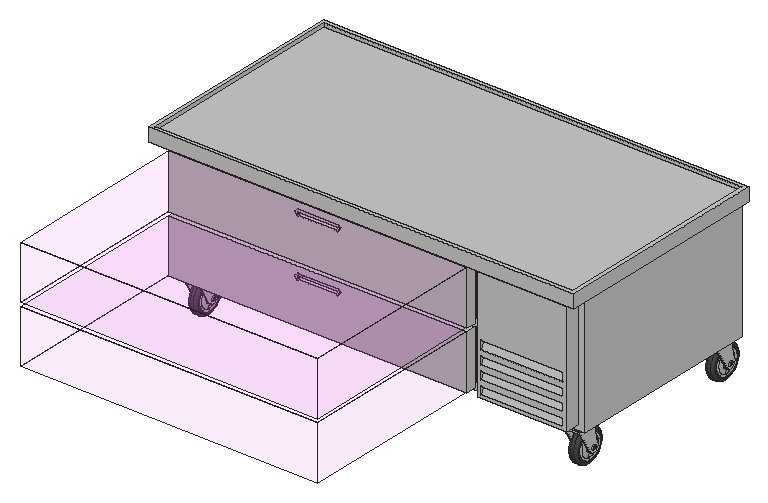
Revit family "QF_Kelvinator_738311_KCHCB60R", category Specialty Equipment, Revit 2021
Family settings
  Round Connector Dimension = Use Diameter
  Part Type = Normal
  Work Plane-Based = No
  Always vertical = Yes
  Cut with Voids When Loaded = No
  Shared = No
  Room Calculation Point = No
Parameters
  Weight in Pounds = 524.7
  Weight = 122.00 lbm
  Watts = 0 W
  Volts = 115 V
  URL Manufacturer = "KELVINATOR"
  URL Cutsheet = ""
  URL = "KELVINATOR"
  Specification by User = ""
  Specification by Manufacturer = ""
  Serial Number = ""
  Seismic Rating = ""
  SMACNA No = ""
  Revision Code = ""
  Refrigerant Type = "R290"
  Phase = 1
  Number of Poles = 1
  NAFEM Spec ID Number = ""
  Model = "KCHCB60R"
  Min Ckt Ampacity = 0 A
  Max Overcurrent Protection = 0 A
  Masterspec = ""
  Manufacturer = "Kelvinator"
  Length Actual = 1576"
  Length = 62 1/16"
  Item Number = "738311"
  Installed By = ""
  Identify Quantity as Lot = yes
  Height Actual = 660"
  Height = 26"
  HP = "0.3 HP"
  Gas KW = 0
  Furnished By = ""
  Foodservice Equipment Identifier = yes
  FL Amps = 2.1 A
  Electrical Remarks = ""
  Electric Connection Type = ""
  Elec Conn RI Height = 0"
  Elec Conn Connection Height = 0"
  Description = "2-DRAWER CHEF BASE REFRIGERATOR 62\" LONG"
  Depth Actual = 810"
  Depth = 31 7/8"
  Default Elevation = 0"
  Cycle = 60 Hz
  Conn Plug = "5-15P"
  Conn Conduit = yes
  CSI MasterFormat = ""
  Apparent Power = 0 VA
  Accessory = no
Reference planes (in)
  plane 1 "BACK": y = 0
  plane 2: z = 0
  plane 3 "LEFT": x = 0
  plane 4 "RIGHT": x = 62.0625
  plane 5 "FRONT": y = -31.875
  plane 6 "TOP": z = 26
  plane 7 "Center Y": x = 31.03125
  plane 8 "Center X": y = -15.9375
Dimensions and locks (in)
  equal spacing: plane 3 "LEFT", plane 7 "Center Y", plane 4 "RIGHT"
  "Length": plane 3 "LEFT" to plane 4 "RIGHT"
  equal spacing: plane 5 "FRONT", plane 8 "Center X", plane 1 "BACK"
  "Depth": plane 5 "FRONT" to plane 1 "BACK"
  "Height": plane 6 "TOP" to level
  aligned and locked: level to plane 2
Nested families (in)
  nested 1: "Family2" at (0, 0, 0), type "Family2"
    with Show Clearance yes
Connectors (in)
  electrical at (31.08061, -1.5, 5.5), driven by "Volts", driven by "Watts"
    settings: on nested 1, index 1, voltage 115 V, apparent load 0 VA, apparent load phase1 0 VA, apparent load phase2 0 VA, apparent load phase3 0 VA, power factor 1, load classification "Other", number of poles 1, system type 30, power factor state 1, is connector primary yes, connector utility no, sub classification motor no, connector description ""
Definition of nested family "Family2"
  Parameters (values of type "Family2")
    Weight in Pounds = 0
    URL Cutsheet = ""
    Specification by User = ""
    Specification by Manufacturer = ""
    Show Clearance [instance] = yes
    Serial Number = ""
    Seismic Rating = ""
    SMACNA No = ""
    Revision Code = ""
    NAFEM Spec ID Number = ""
    Masterspec = ""
    Length = 62 1/16"
    Item Number = ""
    Installed By = ""
    Identify Quantity as Lot = yes
    Height = 26"
    Furnished By = ""
    Foodservice Equipment Identifier = yes
    Depth = 31 7/8"
    Default Elevation = 0"
    CSI MasterFormat = ""
  Reference planes (in)
    plane 1 "BACK": y = 0
    plane 2: z = 0
    plane 3 "LEFT": x = 0
    plane 4 "RIGHT": x = 62.0625
    plane 5 "FRONT": y = -31.875
    plane 6 "TOP": z = 26
    plane 7 "Center Y": x = 31.03125
    plane 8 "Center X": y = -15.9375
    plane 9: x = 1
    plane 10: x = 61.0625
    plane 11: x = 2
    plane 12: x = 44.0625
    plane 13: x = 60.0625
    plane 14: x = 47.0625
    plane 15: z = 15.1
    plane 16: z = 23
    plane 17: z = 6
    plane 18: z = 24
    plane 19: y = -28.7
    plane 20: y = -57.9
    plane 21: x = 0.5
    plane 22: x = 61.5625
    plane 23: z = 14.6
    plane 24: z = 6.7
    plane 25: x = 59.5625
    plane 26: x = 47.5625
    plane 27: x = 58.8125
    plane 28: x = 3.25
  Forms (in)
    Extrusion 1, solid
      sketch origin (1, -180, 36.08177) x (0, 0, 1) y (0, -1, 0)
        loop
          line (-12.08177, -151.3) -> (-30.08177, -151.3) -> (-30.08177, -180) -> (-12.08177, -180) -> (-12.08177, -151.3)
      from 0 to 60.0625
    Extrusion 2, solid
      sketch origin (0, 0, 0) x (0, 1, 0) y (0, 0, 1)
        loop
          line (-31.875, 26) -> (-31.875, 24) -> (0, 24) -> (0, 26) -> (-31.875, 26)
      from 0 to 62.0625
    Extrusion 3, void
      sketch origin (0.5, -180, 24.54005) x (0, 0, 1) y (0, -1, 0)
        loop
          line (1.45995, -148.625) -> (0.95995, -148.625) -> (0.95995, -179.5) -> (1.45995, -179.5) -> (1.45995, -148.625)
      from 0 to 61.0625
    Extrusion 4, solid
      sketch origin (0, -28.7, -3.09046) x (0, 0, -1) y (1, 0, 0)
        loop
          line (-26.09046, 47.0625) -> (-9.79046, 47.0625) -> (-9.79046, 60.0625) -> (-26.09046, 60.0625) -> (-26.09046, 47.0625)
      from 0 to 2
    Extrusion 5, void
      sketch origin (59.5625, -180, 13.44376) x (0, 0, -1) y (0, -1, 0)
        loop
          line (6.33783, -149.3) -> (6.33783, -148.925) -> (-0.83628, -148.925) -> (-0.83628, -149.7453) -> (0.38717, -149.3) -> (1.16811, -149.3) -> (1.16811, -149.7453) -> (2.39156, -149.3) -> (3.17249, -149.3) -> (3.17249, -149.7453) -> (4.39594, -149.3) -> (5.11438, -149.3) -> (5.11438, -149.7453) -> (6.33783, -149.3)
      from 0 to 12
    Extrusion 6, solid
      sketch origin (1, 0, 6) x (-1, 0, 0) y (0, 1, 0)
        loop
          circle (-30.08061, -1.5) r 0.33156
      from 0 to 0.5
  Cuts and joins
    Extrusion 3 cuts Extrusion 2
    Extrusion 5 cuts Extrusion 4
  Lines and regions (in)
    symbolic lines
      curve 1: line (0, 0, 0) -> (0, -31.875, 0)
      curve 2: line (0, -31.875, 0) -> (62.0625, -31.875, 0)
      curve 3: line (62.0625, -31.875, 0) -> (62.0625, 0, 0)
      curve 4: line (62.0625, 0, 0) -> (0, 0, 0)
      curve 5: line (0.5, -31.375, 0) -> (0.5, -0.5, 0)
      curve 6: line (0.5, -0.5, 0) -> (61.5625, -0.5, 0)
      curve 7: line (61.5625, -0.5, 0) -> (61.5625, -31.375, 0)
      curve 8: line (61.5625, -31.375, 0) -> (0.5, -31.375, 0)
  Dimensions and locks (in)
    equal spacing: plane 3 "LEFT", plane 7 "Center Y", plane 4 "RIGHT"
    "Length": plane 3 "LEFT" to plane 4 "RIGHT"
    equal spacing: plane 5 "FRONT", plane 8 "Center X", plane 1 "BACK"
    "Depth": plane 5 "FRONT" to plane 1 "BACK"
    "Height": plane 6 "TOP" to level
    plane 3 "LEFT" to plane 4 "RIGHT" = 62 1/16"
    plane 10 to plane 9 = 60 1/16"
    plane 11 to plane 12 = 42 1/16"
    locked: plane 14 to plane 13 at 13
    plane 16 to plane 15 = 7.9"  (x2)
    plane 6 "TOP" to plane 17 = 20"
    plane 18 to plane 17 = 18"
    plane 19 to plane 1 "BACK" = 28.7"
    plane 5 "FRONT" to plane 1 "BACK" = 31 7/8"
    plane 20 to plane 1 "BACK" = 57.9"
    plane 17 to level = 6"
    locked: plane 4 "RIGHT" to plane 10 at 1
    locked: plane 4 "RIGHT" to plane 22 at 0.5
    plane 23 to plane 24 = 7.9"
    locked: plane 13 to plane 4 "RIGHT" at 2
    locked: plane 13 to plane 25 at 0.5
    locked: plane 14 to plane 26 at 0.5
    locked: plane 4 "RIGHT" to plane 27 at 3.25
    locked: plane 12 to plane 14 at 3
    locked: plane 3 "LEFT" to plane 11 at 2
    aligned and locked: level to plane 2
    aligned and locked: plane 10 to Extrusion 1
    aligned and locked: Extrusion 2 to plane 4 "RIGHT"
    aligned and locked: plane 18 to Extrusion 1
    aligned and locked: plane 22 to cut or joined group of Extrusion 2, Extrusion 3
    aligned and locked: Extrusion 5 to plane 26
    aligned and locked: plane 14 to Extrusion 4
    aligned and locked: Extrusion 4 to plane 13
    aligned and locked: nested 4 to plane 28
    aligned and locked: plane 27 to nested 5
    aligned and locked: nested 6 to plane 28
    aligned and locked: plane 27 to nested 3
  Automatic sketch dimensions
    level to Extrusion 1 sketch curve = 6"
    plane 16 to Extrusion 1 sketch curve = 1"
    Extrusion 1 sketch curve to plane 1 "BACK" = 0"
    Extrusion 1 sketch curve to plane 19 = 0"
    Extrusion 2 sketch curve to plane 5 "FRONT" = 0"
    Extrusion 2 sketch curve to plane 1 "BACK" = 0"
    Extrusion 2 sketch curve to plane 18 = 0"
    Extrusion 2 sketch curve to plane 6 "TOP" = 0"
    Extrusion 3 sketch curve to plane 6 "TOP" = 0"
    Extrusion 3 sketch curve to plane 6 "TOP" = 1/2"
    plane 1 "BACK" to Extrusion 3 sketch curve = 1/2"
    Extrusion 3 sketch curve to plane 5 "FRONT" = 1/2"
    plane 13 to Extrusion 4 sketch curve = 0"
    Extrusion 4 sketch curve to plane 16 = 0"
    plane 14 to Extrusion 4 sketch curve = 0"
    Extrusion 4 sketch curve to plane 24 = 0"
    plane 24 to Extrusion 5 sketch curve = 0.40593"
    Extrusion 5 sketch curve to Extrusion 5 sketch curve = 1.22345"  (x3)
    Extrusion 5 sketch curve to Extrusion 5 sketch curve = 0.71843"
    plane 19 to Extrusion 5 sketch curve = 1 71/128"  (x4)
    Extrusion 5 sketch curve to Extrusion 5 sketch curve = 0.78093"  (x2)
    Extrusion 5 sketch curve to plane 23 = 0.31996"
    Extrusion 5 sketch curve to Extrusion 5 sketch curve = 57/128"  (x3)
    Extrusion 5 sketch curve to plane 5 "FRONT" = 1.175"
    Extrusion 5 sketch curve to Extrusion 5 sketch curve = 3/8"
    curve 1 to plane 3 "LEFT" = 0"
    plane 1 "BACK" to curve 3 = 0"
    curve 3 to plane 4 "RIGHT" = 0"
    plane 5 "FRONT" to curve 1 = 0"
    curve 5 to plane 21 = 0"
    curve 8 to plane 22 = 0"
    curve 5 to plane 5 "FRONT" = 1/2"
    plane 1 "BACK" to curve 5 = 1/2"
    Extrusion 1 to Extrusion 6 sketch curve = 1 1/2"
    Extrusion 6 sketch curve to Extrusion 1 = 29.98189"
    radius of Extrusion 6 sketch curve = 0.33156"
  Nested families (in)
    nested 1: "Family3" at (2, -28.7, 15.1), Show Clearance <- "Show Clearance", type "Family3"
    nested 2: "Family3" at (2, -28.7, 6.7), Show Clearance <- "Show Clearance", type "Family3"
    nested 3: "6 INCHES 02_CASTER" at (58.8125, -26.8125, 0), type "6 INCHES 02_CASTER"
      with Type Mark "", Specification by User "", Show Casters yes, Revision Code "", Item Number "", Installed By "", Identify Quantity as Lot yes, Furnished By "", Foodservice Equipment Identifier yes
    nested 4: "6 INCHES 02_CASTER" at (3.25, -26.8125, 0), type "6 INCHES 02_CASTER"
      with Type Mark "", Specification by User "", Show Casters yes, Revision Code "", Item Number "", Installed By "", Identify Quantity as Lot yes, Furnished By "", Foodservice Equipment Identifier yes
    nested 5: "6 INCHES 02_CASTER" at (58.8125, -1.8125, 0), type "6 INCHES 02_CASTER"
      with Type Mark "", Specification by User "", Show Casters yes, Revision Code "", Item Number "", Installed By "", Identify Quantity as Lot yes, Furnished By "", Foodservice Equipment Identifier yes
    nested 6: "6 INCHES 02_CASTER" at (3.25, -1.8125, 0), type "6 INCHES 02_CASTER"
      with Type Mark "", Specification by User "", Show Casters yes, Revision Code "", Item Number "", Installed By "", Identify Quantity as Lot yes, Furnished By "", Foodservice Equipment Identifier yes
  Definition of nested family "Family3"
    Parameters (values of type "Family3")
      Weight in Pounds = 0
      URL Cutsheet = ""
      Specification by User = ""
      Specification by Manufacturer = ""
      Show Clearance [instance] = yes
      Serial Number = ""
      Seismic Rating = ""
      SMACNA No = ""
      Revision Code = ""
      NAFEM Spec ID Number = ""
      Masterspec = ""
      Length = 43 1/2"
      Item Number = ""
      Installed By = ""
      Identify Quantity as Lot = yes
      Height = 7.9"
      Furnished By = ""
      Foodservice Equipment Identifier = yes
      Depth = 2"
      Default Elevation = 0"
      CSI MasterFormat = ""
    Reference planes (in)
      plane 1 "BACK": y = 0
      plane 2: z = 0
      plane 3 "LEFT": x = 0
      plane 4 "RIGHT": x = 43.5
      plane 5 "FRONT": y = -2
      plane 6 "TOP": z = 7.9
      plane 7 "Center Y": x = 21.75
      plane 8 "Center X": y = -1
      plane 9: y = -29.2
      plane 10: x = 0.3125
      plane 11: x = 43.1875
      plane 12: y = -3.28088
    Forms (in)
      Extrusion 1, solid
        sketch origin (0, 0, 0) x (1, 0, 0) y (0, 0, 1)
          loop
            line (0, 7.9) -> (0, 0) -> (43.5, 0) -> (43.5, 7.9) -> (0, 7.9)
        from 0.55357 to 2
      Extrusion 2, void
        sketch origin (21.75, 6.90541, 47.5625) x (0, -1, 0) y (0, 0, 1)
          loop
            line (8.90541, -41.4125) -> (8.90541, -40.85381) -> (8.53969, -40.48809) -> (8.07278, -40.955) -> (8.24839, -41.4125) -> (8.90541, -41.4125)
        from -3 to 3
      Extrusion 3, solid
        sketch origin (0, -2, 0) x (1, 0, 0) y (0, 0, 1)
          loop
            line (24.56904, 6.70869) -> (24.67024, 6.6075) -> (24.56904, 6.15) -> (24.75, 6.15) -> (25.02615, 6.60514) -> (24.6726, 6.95869) -> (18.8274, 6.95869) -> (18.47385, 6.60514) -> (18.75153, 6.14747) -> (18.93151, 6.14747) -> (18.82976, 6.6075) -> (18.93096, 6.70869) -> (24.56904, 6.70869)
        from 0.10088 to -1
      Extrusion 4, solid, visible <- "Show Clearance"
        sketch origin (0, 0, 0) x (0, 1, 0) y (0, 0, 1)
          loop
            line (-29.2, 7.9) -> (-29.2, 0) -> (-2, 0) -> (-2, 7.9) -> (-29.2, 7.9)
        from 0 to 43.5
      Extrusion 5, solid
        sketch origin (0.3125, -180, 8.89478) x (0, 0, 1) y (0, -1, 0)
          loop
            line (-1.29318, -179.44643) -> (-8.58228, -179.44643) -> (-8.58228, -179.75) -> (-1.29318, -179.75) -> (-1.29318, -179.44643)
        from 0 to 42.875
      Extrusion 6, solid
        sketch origin (0.3125, -179.75, 8.89478) x (0, 0, 1) y (0, -1, 0)
          loop
            line (-1.29318, -179.5) -> (-8.58228, -179.5) -> (-8.58228, -179.75) -> (-1.29318, -179.75) -> (-1.29318, -179.5)
        from 0 to 42.875
    Cuts and joins
      Extrusion 2 cuts Extrusion 1
      Extrusion 2 cuts Extrusion 3
      joined: Extrusion 1, Extrusion 3
    Lines and regions (in)
      symbolic lines, visible <- "Show Clearance"
        curve 1: line (0, -3.28088, 0) -> (0, -29.2, 0)
        curve 2: line (0, -29.2, 0) -> (43.5, -29.2, 0)
        curve 3: line (43.5, -29.2, 0) -> (43.5, -3.28088, 0)
    Dimensions and locks (in)
      equal spacing: plane 3 "LEFT", plane 7 "Center Y", plane 4 "RIGHT"
      "Length": plane 3 "LEFT" to plane 4 "RIGHT"
      equal spacing: plane 5 "FRONT", plane 8 "Center X", plane 1 "BACK"
      "Depth": plane 5 "FRONT" to plane 1 "BACK"
      "Height": plane 6 "TOP" to level
      plane 9 to plane 5 "FRONT" = 27.2"
      locked: plane 11 to plane 4 "RIGHT" at 0.3125
      locked: plane 3 "LEFT" to plane 10 at 0.3125
      aligned and locked: level to plane 2
      aligned and locked: Extrusion 4 to plane 4 "RIGHT"
      aligned and locked: Extrusion 6 to plane 11
      aligned and locked: Extrusion 5 to plane 11
    Automatic sketch dimensions
      Extrusion 1 sketch curve to level = 0"
      Extrusion 1 sketch curve to plane 3 "LEFT" = 0"
      plane 4 "RIGHT" to Extrusion 1 sketch curve = 0"
      Extrusion 1 sketch curve to plane 6 "TOP" = 0"
      Extrusion 2 sketch curve to plane 5 "FRONT" = 0"
      Extrusion 2 sketch curve to plane 5 "FRONT" = 0.36572"
      Extrusion 2 sketch curve to plane 8 "Center X" = 0.34299"
      Extrusion 2 sketch curve to plane 8 "Center X" = 0.16737"
      Extrusion 2 sketch curve to plane 6 "TOP" = 1 3/4"
      Extrusion 2 sketch curve to Extrusion 2 sketch curve = 0.4575"
      Extrusion 2 sketch curve to Extrusion 2 sketch curve = 0.55869"
      Extrusion 3 sketch curve to plane 6 "TOP" = 1.29486"  (x2)
      Extrusion 3 sketch curve to plane 7 "Center Y" = 3.27615"
      Extrusion 3 sketch curve to Extrusion 3 sketch curve = 0.27768"
      Extrusion 3 sketch curve to Extrusion 3 sketch curve = 0.35355"
      Extrusion 3 sketch curve to plane 6 "TOP" = 1.2925"  (x2)
      Extrusion 3 sketch curve to Extrusion 3 sketch curve = 0.00236"
      Extrusion 3 sketch curve to Extrusion 3 sketch curve = 0.10119"  (x2)
      Extrusion 3 sketch curve to Extrusion 3 sketch curve = 0.17998"
      Extrusion 3 sketch curve to plane 6 "TOP" = 1.19131"
      plane 7 "Center Y" to Extrusion 3 sketch curve = 2.81904"
      Extrusion 3 sketch curve to Extrusion 3 sketch curve = 0"
      Extrusion 3 sketch curve to plane 6 "TOP" = 0.94131"
      Extrusion 3 sketch curve to Extrusion 3 sketch curve = 0.10355"
      Extrusion 3 sketch curve to Extrusion 3 sketch curve = 0.18096"
      Extrusion 3 sketch curve to Extrusion 3 sketch curve = 0.35591"
      Extrusion 3 sketch curve to Extrusion 3 sketch curve = 0.4575"
      Extrusion 3 sketch curve to Extrusion 3 sketch curve = 0.46003"
      Extrusion 4 sketch curve to level = 0"
      Extrusion 4 sketch curve to plane 9 = 0"
      Extrusion 4 sketch curve to plane 5 "FRONT" = 0"
      Extrusion 4 sketch curve to plane 6 "TOP" = 0"
      level to Extrusion 5 sketch curve = 5/16"
      Extrusion 5 sketch curve to plane 6 "TOP" = 0.29841"
      plane 1 "BACK" to Extrusion 5 sketch curve = 1/4"
      Extrusion 5 sketch curve to Extrusion 5 sketch curve = 0.30357"
      level to Extrusion 6 sketch curve = 5/16"
      Extrusion 6 sketch curve to plane 6 "TOP" = 0.29841"
      plane 1 "BACK" to Extrusion 6 sketch curve = 0"
      Extrusion 6 sketch curve to Extrusion 6 sketch curve = 1/4"
      curve 1 to plane 3 "LEFT" = 0"
      curve 3 to plane 4 "RIGHT" = 0"
      curve 1 to plane 9 = 0"
      curve 3 to plane 12 = 0"
      curve 1 to plane 12 = 0"
  Definition of nested family "6 INCHES 02_CASTER"
    Parameters (values of type "6 INCHES 02_CASTER")
      Weight = ""
      URL Manufacturer = ""
      URL Cutsheet = ""
      URL = ""
      Type Mark [instance] = ""
      Specification by User [instance] = ""
      Specification by Manufacturer = ""
      Show Casters [instance] = yes
      Serial Number = ""
      Seismic Rating = ""
      SMACNA No = ""
      Revision Code [instance] = ""
      Omniclass Number and Title = ""
      NAFEM Spec ID Number = ""
      Model = ""
      MasterSpec. = ""
      Manufacturer = ""
      Item Number [instance] = ""
      Installed By [instance] = ""
      Identify Quantity as Lot [instance] = yes
      Furnished By [instance] = ""
      Foodservice Equipment Identifier [instance] = yes
      Description = ""
      Default Elevation = 0"
      CSI MasterFormat = ""
      CSI Master Format = ""
    Reference planes (in)
      plane 1 "BACK": y = 0
      plane 2: z = 0
      plane 3 "LEFT": x = 0
      plane 4 "RIGHT": x = 0
      plane 5 "FRONT": y = 0
      plane 6 "TOP": z = 6
    Forms (in)
      Revolve 1, solid, visible <- "Show Casters"
        sketch origin (-2.21793, 0, -0.25) x (-1, 0, 0) y (0, 0, 1)
          loop
            line (-2.21793, 6) -> (-2.21793, 5.55584) -> (-0.93693, 5.55584) -> (-0.93693, 6) -> (-2.21793, 6)
          axis (-2.21793, 5.55584) -> (-2.21793, 6)
        angle from 0 to 360
      Extrusion 2, solid, visible <- "Show Casters"
        sketch origin (0.25594, 2.08988, -0.1875) x (0, 1, 0) y (0, 0, 1)
          loop
            line (-3.37793, 5.49334) -> (-3.37793, 5.24334) -> (-1.67236, 2.30765)
            arc (-1.67236, 2.30765) -> (-0.65502, 1.97635) -> (-0.25363, 2.96812) r 0.78437
            line (-0.25363, 2.96812) -> (-0.80182, 5.49334) -> (-3.37793, 5.49334)
        from 0.78968 to 0.90247
      Extrusion 3, solid, visible <- "Show Casters"
        sketch origin (0, 0, 5.75) x (0, 1, 0) y (-1, 0, 0)
          loop
            circle (0, 0) r 0.75
        from 0 to 0.25
      Extrusion 4, solid, visible <- "Show Casters"
        sketch origin (-0.25594, 2.08988, -0.1875) x (0, 1, 0) y (0, 0, -1)
          loop
            line (-3.37793, -5.24334) -> (-3.37793, -5.49334) -> (-0.80182, -5.49334) -> (-0.25363, -2.96812)
            arc (-0.25363, -2.96812) -> (-0.65502, -1.97635) -> (-1.67236, -2.30765) r 0.78437
            line (-1.67236, -2.30765) -> (-3.37793, -5.24334)
        from 0.78968 to 0.90247
      Extrusion 5, solid, visible <- "Show Casters"
        sketch origin (0, -0.12806, 0.75) x (0, 1, 0) y (0, 0, 1)
          loop
            line (-1.16, 4.55584) -> (-1.16, 4.30584) -> (1.41611, 4.30584) -> (1.41611, 4.55584) -> (-1.16, 4.55584)
        from -1.04562 to 1.04562
      Revolve 6, solid, visible <- "Show Casters"
        sketch origin (-1.9375, 1.11772, -0.12802) x (1, 0, 0) y (0, 0, 1)
          loop
            line (0.5843, 2.5666) -> (0.5843, 2.4286) -> (0.6343, 2.3786) -> (0.6943, 2.3786) -> (0.6943, 2.2429) -> (1.1725, 2.2429) -> (1.1725, 1.84743) -> (1.30191, 1.77271) -> (1.42647, 1.00302) -> (1.28125, 1.00302) -> (1.28125, 0.75302) -> (1.3125, 0.75302) -> (1.3125, 0.50302)
            arc (1.3125, 0.50302) -> (1.42233, 0.23785) -> (1.6875, 0.12802) r 0.375
            line (1.6875, 0.12802) -> (2.1875, 0.12802)
            arc (2.1875, 0.12802) -> (2.45267, 0.23785) -> (2.5625, 0.50302) r 0.375
            line (2.5625, 0.50302) -> (2.5625, 0.75302) -> (2.59375, 0.75302) -> (2.59375, 1.00302) -> (2.44853, 1.00302) -> (2.57366, 1.77622) -> (2.7025, 1.85061) -> (2.7025, 2.2429) -> (3.1807, 2.2429) -> (3.1807, 2.3786) -> (3.2407, 2.3786) -> (3.2907, 2.4286) -> (3.2907, 2.5666) -> (0.5843, 2.5666)
          axis (0.5843, 2.5666) -> (3.2907, 2.5666)
        angle from 0 to 360
    Cuts and joins
      joined: Extrusion 2, Extrusion 4, Extrusion 5
    Lines and regions (in)
      symbolic lines, visible <- "Show Casters"
        curve 1: line (0.45873, 2.04243, 0) -> (1.54127, 1.41743, 0)
        curve 2: line (-1.54127, -1.42167, 0) -> (-0.79127, -0.12263, 0)
        curve 3: line (-0.45873, -2.04667, 0) -> (-1.54127, -1.42167, 0)
        curve 4: line (1.54127, 1.41743, 0) -> (0.79127, 0.11839, 0)
        curve 5: line (-0.29127, 0.74339, 0) -> (0.45873, 2.04243, 0)
        curve 6: line (0.29127, -0.74763, 0) -> (-0.45873, -2.04667, 0)
    Dimensions and locks (in)
      plane 6 "TOP" to level = 6"  (x2)
      aligned and locked: level to plane 2
